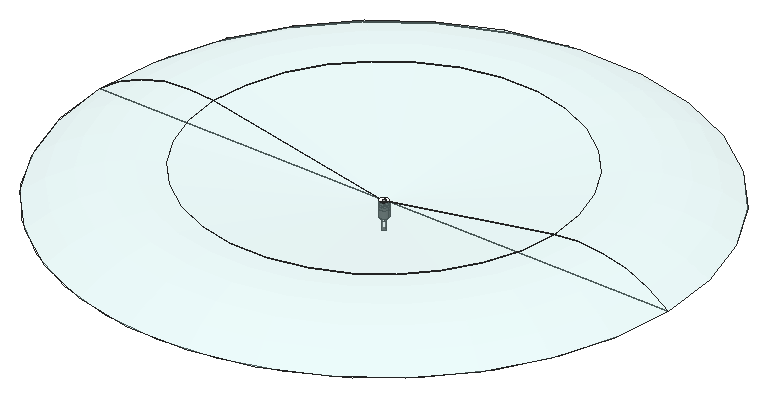
Revit family "Bubbler - 1400 Series", category Conexões de tubo, Revit 2020
Family settings
  Cota do conector redondo = Utilizar diâmetro
  Tipo de parte = Cobertura
  Número OmniClass = 23.60.30.11.14
  Título OmniClass = Pipework Fittings
  Com base no plano de trabalho = Sim
  Sempre na vertical = Sim
  Corte com vazios quando carregada = Não
  Compartilhado = Não
Parameters (values of type "1408")
  XX [instance] = 0.513 * Radius  # 1.026 ft
  Water Visibility (Circle) = yes
  Water = Water
  URL = "https://www.rainbird.com/"
  Transparent Plastic [instance] = Transparent Plastic
  SupportProjetos: Reviw Date = "26/03/2021"  # constant formula
  SupportProjetos: Level of Detail = "LOD 300"  # constant formula
  SupportProjetos: Developed = "MICHEL SOARES MOTA"  # constant formula
  SupportProjetos: Creation Date = "30/07/2020"  # constant formula
  Reviw = "R01"  # constant formula
  RainBird: Product Link = "https://store.rainbird.com/sprinklers/nozzles.html?sprays_nozzleseries=102"
  RainBird: Description [instance] = "Spray Nozzles -  Bubblers - 1400 Series - 1408 Model"
  RainBird: Comment [instance] = ""
  Radius [instance] = 2 ft
  R2 [instance] = 0.032808 ft
  R1 [instance] = 0.026247 ft
  Pressure [instance] = 45 psi
  Plastic = Plastic Black
  PCS - 090 [instance] = no
  PCS - 060 [instance] = no
  PCS - 040 [instance] = no
  PCS - 030 [instance] = no
  PCS - 025 [instance] = no
  PCS - 020 [instance] = yes
  Modelo = "1408"
  H2 = 1.312 ft  # constant formula
  H1 [instance] = 0.049213 ft
  Flow = 2.0 GPM
  Default Elevation = 4 ft
  Descrição = "Spray Nozzles 1400 Series"  # constant formula
  DT8 [instance] = 0.098425 ft
  DT7 [instance] = 4 * Radius  # 8 ft
  DT4 [instance] = 5 * Radius  # 10 ft
  DT3 [instance] = 0.3397 * Radius  # 0.6794 ft
  DT2 = 0.098425 ft  # constant formula
  DT13 = 0.049769 ft
  DT12 = 0.070216 ft
  DT1 = 0.032808 ft
  DT6 = 0 ft
  DT5 [instance] = 0.6 * Radius  # 1.2 ft
  Cover = Black Plastic
  Arc Angle [instance] = 360.00°
  Angle = 10.00°
  Aluminum = Aluminum
Types (4, lengths in ft): name | RainBird: Description | PCS - 020 | Modelo | Flow | Angle
  1401 | "Spray Nozzles -  Bubblers - 1400 Series - 1401 Model" | yes | "1401" | 0.25 GPM | 5.00°
  1402 | "Spray Nozzles - Bubblers - 1400 Series - 1402 Model" | no | "1402" | 0.5 GPM | 5.00°
  1404 | "Spray Nozzles -  Bubblers - 1400 Series - 1408 Model" | no | "1404" | 1.0 GPM | 5.00°
  1408 | "Spray Nozzles -  Bubblers - 1400 Series - 1408 Model" | yes | "1408" | 2.0 GPM | 10.00°
Reference planes (ft)
  plane 1 "Centro (Frente/Trás)": y = 0
  plane 2: z = 0
  plane 3 "Centro (Esquerda/Direita)": x = 0
Forms (ft)
  Extrusion 1, solid, material "Plastic Black" <- "Plastic"
    sketch origin (0, 0, 0) x (1, 0, 0) y (0, 1, 0)
      loop
        circle (0, 0) r 0.032808
      loop
        circle (0, 0) r 0.026247
    from 0 to 0.049213
  Revolve 2, solid, material "Black Plastic" <- "Cover"
    sketch origin (0, 0, 0) x (1, 0, 0) y (0, 0, 1)
      loop
        line (0.029822, 0.073781) -> (0.005544, 0.073781) -> (0.005544, 0.057377) -> (0.001486, 0.057377) -> (0.001486, 0.049213) -> (0.021797, 0.049213) -> (0.021797, 0.052567) -> (0.032707, 0.052567) -> (0.032707, 0.070897)
        arc (0.032707, 0.070897) -> (0.031862, 0.072936) -> (0.029822, 0.073781) r 0.002884
      axis (0, 0.049213) -> (0, 0.073781)
    angle from 0 to 360
  Revolve 3, solid, material "Water" <- "Water", visible <- "Water Visibility (Circle)"
    sketch origin (0, 0, 0) x (1, 0, 0) y (0, 0, 1)
      loop
        line (0.032808, 0.098425) -> (2.032808, 0.098425)
        arc (2.032808, 0.098425) -> (1.646113, 0.290649) -> (1.214578, 0.306803) r 1.02639
        line (1.214578, 0.306803) -> (0.032808, 0.098425)
      axis (0, 0.098425) -> (0, 0.306803)
    angle from 0 to 360 <- "Arc Angle"
  Extrusion 4, solid, material "Aluminum" <- "Aluminum"
    sketch origin (0, 0, 0) x (1, 0, 0) y (0, 1, 0)
      loop
        circle (0, 0) r 0.003361
    from 0.057377 to 0.098425
  Extrusion 5, solid, material "Aluminum" <- "Aluminum"
    sketch origin (0, 0, 0) x (1, 0, 0) y (0, 1, 0)
      loop
        circle (0, 0) r 0.006402
    from 0.098425 to 0.102511
Dimensions and locks (ft)
  "H1": Extrusion 1 to level
  "DT1": Revolve 3 sketch curve to plane 3 "Centro (Esquerda/Direita)"
  "DT2": Revolve 3 sketch curve to level
  "Radius": Revolve 3 sketch curve to Revolve 3 sketch curve
  "DT5": Revolve 3 sketch curve to Revolve 3 sketch curve
  "R1": radius of Extrusion 1 sketch curve
  "R2": radius of Extrusion 1 sketch curve
  "Angle": angle Revolve 3 sketch curve to Revolve 3 sketch curve
  aligned and locked: level to plane 2
  aligned and locked: Extrusion 1 to level
  aligned and locked: Extrusion 4 to Revolve 2
Automatic sketch dimensions
  Extrusion 1 sketch curve to Extrusion 1 sketch curve = 0 ft  (x2)
  plane 1 "Centro (Frente/Trás)" to Extrusion 1 sketch curve = 0 ft
  Extrusion 1 sketch curve to plane 3 "Centro (Esquerda/Direita)" = 0 ft
  Revolve 2 sketch curve to plane 3 "Centro (Esquerda/Direita)" = 0 ft
  plane 3 "Centro (Esquerda/Direita)" to Revolve 2 sketch curve = 0.001486 ft
  Revolve 2 sketch curve to Revolve 2 sketch curve = 0.004058 ft
  Revolve 2 sketch curve to Revolve 2 sketch curve = 0.016253 ft
  Revolve 2 sketch curve to Revolve 2 sketch curve = 0.008026 ft
  Revolve 2 sketch curve to Revolve 2 sketch curve = 0.002884 ft
  level to Revolve 2 sketch curve = 0.049213 ft
  Revolve 2 sketch curve to Revolve 2 sketch curve = 0.003354 ft
  Revolve 2 sketch curve to Revolve 2 sketch curve = 0.008164 ft
  Revolve 2 sketch curve to Revolve 2 sketch curve = 0.01833 ft
  Revolve 2 sketch curve to Revolve 2 sketch curve = 0.041048 ft
  Revolve 2 sketch curve to Revolve 2 sketch curve = 0.140822 ft
  plane 1 "Centro (Frente/Trás)" to Extrusion 4 sketch curve = 0 ft
  Extrusion 4 sketch curve to plane 3 "Centro (Esquerda/Direita)" = 0 ft
  plane 1 "Centro (Frente/Trás)" to Extrusion 5 sketch curve = 0 ft
  Extrusion 5 sketch curve to plane 3 "Centro (Esquerda/Direita)" = 0 ft
  Revolve 3 sketch curve to plane 3 "Centro (Esquerda/Direita)" = 0 ft
  Revolve 3 sketch curve to Revolve 3 sketch curve = 0.052946 ft
  Revolve 3 sketch curve to Revolve 3 sketch curve = 9.752327 ft
  radius of Extrusion 4 sketch curve = 0.003361 ft
  radius of Extrusion 5 sketch curve = 0.006402 ft
Nested families (ft)
  nested 1: "R VAN PCS Screen" at (0, 0, 0), Material <- "Transparent Plastic", PCS.020 <- "PCS - 020", PCS.025 <- "PCS - 025", PCS.030 <- "PCS - 030", PCS.040 <- "PCS - 040", PCS.060 <- "PCS - 060", PCS.090 <- "PCS - 090", type "R VAN PCS Screen"
    with RainBird: Description "PCS - 020", PCS.090 no, PCS.060 no, PCS.040 no, PCS.030 no, PCS.025 no, PCS.020 yes, Material Transparent Plastic
Connectors (ft)
  piping at (0, 0, 0), diameter 2
    settings: on Extrusion 1, index 1, connector inside diameter 609.6 mm, connector length 0 ft, flow factor 0, pipe flow 0.0 GPM, pressure drop 0 psi, fitting loss kfactor 0, connector angle 0.00°, fixture units 0, engagement length 0 ft, angle of deflection 0.00°, flow configuration 0, flow direction 0, fitting loss method 0, system type 28, joint type 0, gender type 0, connector reference index -1, connector utility 0, adjustable connector no, is connector primary yes, connector description ""
Definition of nested family "R VAN PCS Screen"
  Parameters (values of type "R VAN PCS Screen")
    RainBird: Description [instance] = if(PCS.020, "PCS - 020", if(PCS.025, "PCS - 025", if(PCS.030, "PCS - 030", if(PCS.040, "PCS - 040", if(PCS.060, "PCS - 060", if(PCS.090, "PCS - 090", "Does not exist"))))))  # "PCS - 020"
    PCS.090 [instance] = no
    PCS.060 [instance] = no
    PCS.040 [instance] = no
    PCS.030 [instance] = no
    PCS.020 [instance] = yes
    PCS.025 [instance] = no
    Material [instance] = none
    Default Elevation = 0 ft
  Reference planes (ft)
    plane 1 "Centro (Frente/Trás)": y = 0
    plane 2: z = 0
    plane 3 "Centro (Esquerda/Direita)": x = 0
  Forms (ft)
    Revolve 1, solid, material <- "Material"
      sketch origin (0, 0, 0) x (1, 0, 0) y (0, 0, 1)
        loop
          line (0, -0.088229) -> (0.016404, -0.088229) -> (0.016404, -0.03138) -> (0.022015, -0.015965) -> (0.022015, -0.006562) -> (0.026522, -0.006562) -> (0.026522, 0) -> (0.015453, 0) -> (0.015453, -0.014808) -> (0.009843, -0.030223) -> (0.009843, -0.081723) -> (0, -0.081723) -> (0, -0.088229)
        axis (0, -0.088229) -> (0, 0)
      angle from 0 to 360
  Dimensions and locks (ft)
    level to Revolve 1 sketch curve = 0.088229 ft
    aligned and locked: level to plane 2
